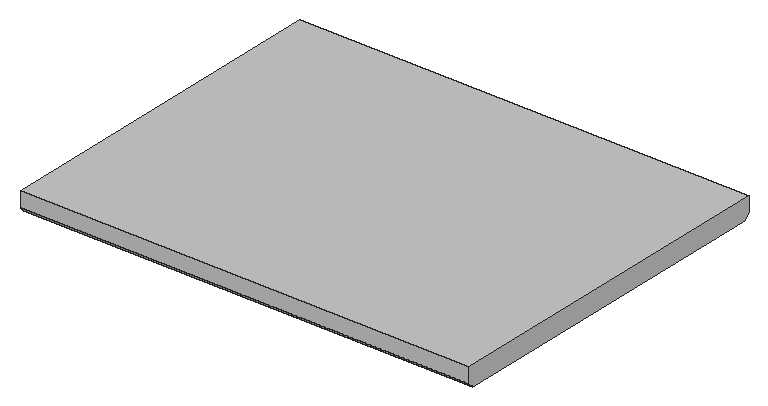
Revit family "QF_ELECTROLUXPROFESSIONAL_121103_TPLA9", category Attrezzature speciali, Revit 2020
Family settings
  Quota connettore circolare = Usa diametro
  Tipo di parte = Normale
  Basato su piano di lavoro = No
  Sempre verticale = Sì
  Taglio con vuoti quando caricato = No
  Condiviso = No
  Punto di calcolo locali = No
Parameters (values of type "Standard")
  Weight = 31.00 kg
  Watts = 0 W
  Volts = 0 V
  URL Manufacturer = "https://www.electroluxprofessional.com/"
  URL = "https://www.electroluxprofessional.com/"
  Steam Supply Size = 0 mm
  Steam Supply Minimum Pressure = 0.0 Pa
  Steam Supply Maximum Pressure = 0.0 Pa
  Steam Consumption per Hour = 0
  Refrigeration Suction Line Size = 0.0 mm
  Refrigeration Liquid Line Size = 0.0 mm
  Refrigerant Compressor Remote = yes
  Prospetto di default = 0.0 mm
  Phase = 0
  Modello = "TPLA9"
  Produttore = "Electrolux Professional"
  Length Actual = 900.0 mm  # constant formula
  Item Number = "121103"
  Hot Water Size = 0 mm
  Height Actual = 40.0 mm  # constant formula
  HP = "0 HP"
  Gas Size = 0 mm
  Gas KW = 0
  Gas Input Pressure = 0 W
  Direct Waste Size = 0 mm
  Descrizione = "WORK TOP 900MM"
  Depth Actual = 700.0 mm  # constant formula
  Cycle = 0 Hz
  Condensate Return Size = 0 mm
  Compressed Air Volume = 0.0 L/s
  Compressed Air Size = 0 mm
  Compressed Air Pressure = 0.0 Pa
  Cold Water Size = 0 mm
  Accessory = yes
Reference planes
  plane 1 "Center (Front/Back)": y = 0
  plane 2: z = 0
  plane 3 "Center (Left/Right)": x = 50
  plane 4 "LEFT": x = -400
  plane 5 "RIGHT": x = 500
  plane 6 "BACK": y = 350
  plane 7 "FRONT": y = -350
  plane 8 "TOP": z = 860
  plane 9 "BaseTop": z = 900
Forms (mm)
  Extrusion 1, solid, material "QF_Finishes_Stainless Steel"
    sketch origin (50, 0, 0) x (0, 1, 0) y (0, 0, 1)
      loop
        line (-350, 900) -> (-350, 870) -> (-340, 860) -> (340, 860) -> (350, 870) -> (350, 900) -> (-350, 900)
    from 450 to -450
Lines and regions (mm)
  symbolic lines
    curve 1: line (500, 350, 860) -> (-400, 350, 860)
    curve 2: line (-400, 350, 860) -> (-400, -350, 860)
    curve 3: line (-400, -350, 860) -> (500, -350, 860)
    curve 4: line (500, -350, 860) -> (500, 350, 860)
Dimensions and locks
  plane 4 "LEFT" to plane 5 "RIGHT" = 900.0 mm
  equal spacing: plane 4 "LEFT", plane 3 "Center (Left/Right)", plane 5 "RIGHT"
  plane 6 "BACK" to plane 7 "FRONT" = 700.0 mm
  equal spacing: plane 6 "BACK", plane 1 "Center (Front/Back)", plane 7 "FRONT"
  locked: plane 9 "BaseTop" to plane 8 "TOP" at 40
  plane 8 "TOP" to level = 860.0 mm
  aligned and locked: level to plane 2
  aligned and locked: Extrusion 1 to plane 4 "LEFT"
  aligned and locked: plane 5 "RIGHT" to Extrusion 1
  aligned and locked: curve 2 to plane 4 "LEFT"
  aligned and locked: plane 9 "BaseTop" to Extrusion 1 sketch curve
Automatic sketch dimensions
  curve 3 to plane 7 "FRONT" = 0.0 mm
  curve 4 to plane 6 "BACK" = 0.0 mm
  curve 4 to plane 5 "RIGHT" = 0.0 mm
  Extrusion 1 sketch curve to plane 7 "FRONT" = 0.0 mm
  level to Extrusion 1 sketch curve = 860.0 mm
  Extrusion 1 sketch curve to plane 6 "BACK" = 0.0 mm
  plane 7 "FRONT" to Extrusion 1 sketch curve = 10.0 mm
  level to Extrusion 1 sketch curve = 870.0 mm  (x2)
  Extrusion 1 sketch curve to plane 6 "BACK" = 10.0 mm
